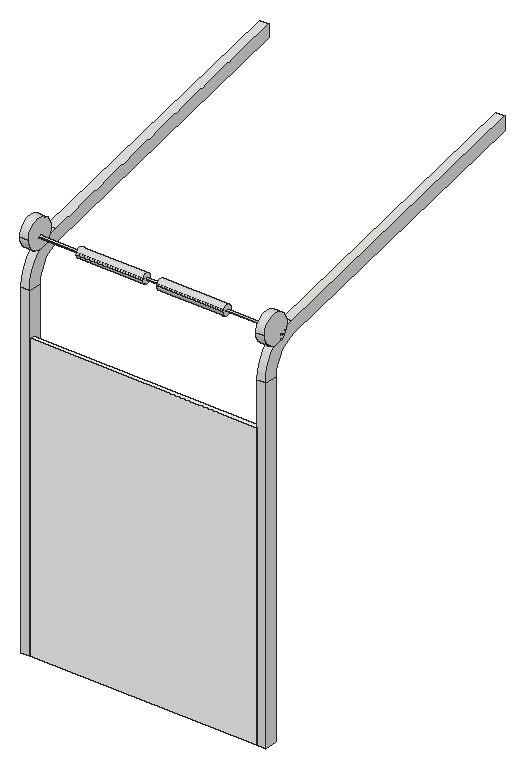
Revit family "Cruiserweight-LH-312P", category Generic Models, host Wall, Revit 2023
Family settings
  Host = Wall
  Can host rebar = No
  Round Connector Dimension = Use Diameter
  Part Type = Normal
  Always vertical = Yes
  Cut with Voids When Loaded = Yes
  Maintain Annotation Orientation = No
  Shared = No
  Room Calculation Point = No
Parameters (values of type "8' x 10'")
  VerticalTrack = TrackHeight - (1' 6")  # 11' - 6"
  Type Comments = "Insulated"  # constant formula
  TrackWidth = 0' - 3 1/2"
  TrackHeight = OpeningHeight + HeadRoom  # 13' - 0"
  TrackDepth = 0' - 5 3/8"
  PanelSize = 2' - 0"  # constant formula
  OpeningWidth = 8' - 0"
  OpeningHeight = 10' - 0"
  Model = "Cruiserweight"  # constant formula
  Manufacturer = "TKO"  # constant formula
  HorizTrack = OpeningHeight - HeadRoom + 2' 0"  # 9' - 0"
  HeadRoom = 3' - 0"  # constant formula
  DoorThk = 0' - 1 3/4"  # constant formula
  Description = "Sectional Door"  # constant formula
  Default Elevation = 0' - 0"
Types (16): name | VerticalTrack | TrackHeight | TrackDepth | OpeningWidth | OpeningHeight | HorizTrack
  (no name) | 11' - 6" | 13' - 0" | 0' - 5 3/8" | 8' - 0" | 10' - 0" | 9' - 0"
  8' x 10' | 11' - 6" | 13' - 0" | 0' - 5 3/8" | 8' - 0" | 10' - 0" | 9' - 0"
  9' x 10' | 11' - 6" | 13' - 0" | 0' - 5 3/8" | 9' - 0" | 10' - 0" | 9' - 0"
  10' x 10' | 11' - 6" | 13' - 0" | 0' - 5 3/8" | 10' - 0" | 10' - 0" | 9' - 0"
  10' x 11' | 12' - 6" | 14' - 0" | 0' - 5 5/8" | 10' - 0" | 11' - 0" | 10' - 0"
  9' x 11' | 12' - 6" | 14' - 0" | 0' - 5 3/8" | 9' - 0" | 11' - 0" | 10' - 0"
  8' x 11' | 12' - 6" | 14' - 0" | 0' - 5 3/8" | 8' - 0" | 11' - 0" | 10' - 0"
  10' x 12' | 13' - 6" | 15' - 0" | 0' - 5 3/8" | 10' - 0" | 12' - 0" | 11' - 0"
  8' x 12' | 13' - 6" | 15' - 0" | 0' - 5 3/8" | 8' - 0" | 12' - 0" | 11' - 0"
  9' x 12' | 13' - 6" | 15' - 0" | 0' - 5 3/8" | 9' - 0" | 12' - 0" | 11' - 0"
  10' x 8' | 9' - 6" | 11' - 0" | 0' - 5 3/8" | 10' - 0" | 8' - 0" | 7' - 0"
  10' x 9' | 10' - 6" | 12' - 0" | 0' - 5 3/8" | 10' - 0" | 9' - 0" | 8' - 0"
  8' x 9' | 10' - 6" | 12' - 0" | 0' - 5 3/8" | 8' - 0" | 9' - 0" | 8' - 0"
  8' x 8' | 9' - 6" | 11' - 0" | 0' - 5 3/8" | 8' - 0" | 8' - 0" | 7' - 0"
  9' x 9' | 10' - 6" | 12' - 0" | 0' - 5 3/8" | 9' - 0" | 9' - 0" | 8' - 0"
  9' x 8' | 10' - 6" | 12' - 0" | 0' - 5 3/8" | 9' - 0" | 9' - 0" | 8' - 0"
Reference planes (in)
  plane 1: y = 0
  plane 2 "Center (Left/Right)": x = 0
  plane 3 "Wall Edge": y = 3
  plane 4: x = -48
  plane 5: x = 48
  plane 6: z = 120
  plane 7: y = 3
  plane 8: y = 4.75
  plane 9: z = 24
  plane 10: z = 48
  plane 11: z = 72
  plane 12: x = -51.5
  plane 13: x = 51.5
  plane 14: y = 8.375
  plane 15: z = 156
  plane 16: z = 96
  plane 17: z = 120
  plane 18: x = -3
  plane 19: x = 3
  plane 20: x = 31
  plane 21: x = -31
  plane 22: z = 138
  plane 23: y = 21
  plane 24: y = 129
  plane 25: y = 12
Forms (in)
  Extrusion 1, void
    sketch origin (0, 3, 0) x (1, 0, 0) y (0, 0, 1)
      loop
        line (48, 120) -> (-48, 120) -> (-48, 0) -> (48, 0) -> (48, 120)
    from 0 to 6
  Extrusion 2, solid, material "DOOR PANEL"
    sketch origin (0, 0, 0) x (1, 0, 0) y (0, 1, 0)
      loop
        line (-48, 4.75) -> (-48, 3) -> (48, 3) -> (48, 4.75) -> (-48, 4.75)
    from 0 to 120
  Extrusion 3, solid, material "Steel"
    sketch origin (0, 0, 0) x (1, 0, 0) y (0, 1, 0)
      loop
        line (-51.5, 8.375) -> (-51.5, 3) -> (-48, 3) -> (-48, 8.375) -> (-51.5, 8.375)
      loop
        line (48, 8.375) -> (48, 3) -> (51.5, 3) -> (51.5, 8.375) -> (48, 8.375)
    from 0 to 138
  Extrusion 4, solid, material "Steel"
    sketch origin (0, 0, 0) x (0, 1, 0) y (0, 0, 1)
      loop
        circle (8.375, 156) r 6
    from 48 to 51.5
  Extrusion 5, solid, material "Steel"
    sketch origin (-20.31666, 0, 1.16483) x (0, 1, 0) y (0, 0, -1)
      loop
        circle (8.375, -156) r 6
    from 27.68334 to 31.18334
  Extrusion 6, solid, material "Steel"
    sketch origin (0, 0, 0) x (0, 1, 0) y (0, 0, 1)
      loop
        circle (8.375, 156) r 0.5
    from -48 to 48
  Extrusion 7, solid, material "Steel"
    sketch origin (0, 0, 0) x (0, 1, 0) y (0, 0, 1)
      loop
        circle (8.375, 156) r 2
    from 3 to 31
  Extrusion 8, solid, material "Steel"
    sketch origin (0, 0, 0) x (0, 1, 0) y (0, 0, -1)
      loop
        circle (8.375, -156) r 2
    from 3 to 31
  Extrusion 9, solid, material "Steel"
    sketch origin (0, 0, 0) x (0, 1, 0) y (0, 0, 1)
      loop
        line (3, 138) -> (8.375, 138)
        arc (8.375, 138) -> (11.05136, 145.77273) -> (17.94574, 150.24998) r 12.625
        line (17.94574, 150.24998) -> (129, 177.93892) -> (129, 183.47847) -> (16.64541, 155.46532)
        arc (16.64541, 155.46532) -> (6.81581, 149.08191) -> (3, 138) r 18
    from 48 to 51.5
  Extrusion 10, solid, material "Steel"
    sketch origin (0, 0, 0) x (0, 1, 0) y (0, 0, -1)
      loop
        arc (3, -138) -> (6.81581, -149.08191) -> (16.64541, -155.46532) r 18
        line (16.64541, -155.46532) -> (129, -183.47847) -> (129, -177.93892) -> (17.94574, -150.24998)
        arc (17.94574, -150.24998) -> (11.05136, -145.77273) -> (8.375, -138) r 12.625
        line (8.375, -138) -> (3, -138)
    from 48 to 51.5
Cuts and joins
  joined: Extrusion 3, Extrusion 4, Extrusion 5
Lines and regions (in)
  model lines
    curve 1: line (48, 3, 24) -> (-48, 3, 24)
    curve 2: line (-48, 3, 48) -> (48, 3, 48)
    curve 3: line (48, 3, 72) -> (-48, 3, 72)
    curve 4: line (48, 3, 96) -> (-48, 3, 96)
    curve 5: line (48, 3, 120) -> (-48, 3, 120)
Text (in)
  text "Placement Side" at (0, 40.15149, 123.01588), in view "Right"
  text "Placement Side" at (-70.3804, 83.26548, 0), in view "Ref. Level"
  text "Placement Side" at (0, 81.62555, 140.59947), in view "Left"
Dimensions and locks (in)
  locked: plane 3 "Wall Edge" to host wall
  equal spacing: plane 5, plane 2 "Center (Left/Right)", plane 4
  "OpeningWidth": plane 5 to plane 4
  "DoorThk": plane 7 to plane 8
  "TrackDepth": plane 14 to plane 7
  "TrackWidth": plane 12 to plane 4
  "TrackWidth": plane 5 to plane 13
  "PanelSize": plane 9 to level
  equal spacing: plane 17, plane 16, plane 11, plane 10, plane 9, level
  "OpeningHeight": level to plane 6
  equal spacing: plane 18, plane 2 "Center (Left/Right)", plane 19, locked at 3 each
  locked: plane 21 to plane 18 at 28
  locked: plane 19 to plane 20 at 28
  "VerticalTrack": level to plane 22
  "HeadRoom": plane 6 to plane 15
  locked: plane 7 to plane 23 at 18
  "HorizTrack": plane 24 to plane 23
  locked: plane 7 to plane 25 at 9
  radius of Extrusion 4 sketch curve = 0' - 6"
  radius of Extrusion 5 sketch curve = 0' - 6"
  radius of Extrusion 6 sketch curve = 0' - 0 1/2"
  radius of Extrusion 7 sketch curve = 0' - 2"
  radius of Extrusion 8 sketch curve = 0' - 2"
  radius of Extrusion 9 sketch curve = 1' - 6"
  radius of Extrusion 9 sketch curve = 1' - 0 5/8"
  radius of Extrusion 10 sketch curve = 1' - 6"
  radius of Extrusion 10 sketch curve = 1' - 0 5/8"
  locked: plane 22 to Extrusion 9 sketch curve (angle 14.00°)  (x2)
  aligned and locked: host wall to plane 7
  aligned and locked: Extrusion 1 sketch curve to plane 5
  aligned and locked: Extrusion 1 sketch curve to plane 4
  aligned and locked: Extrusion 1 to plane 7
  aligned and locked: host wall to Extrusion 1
  aligned and locked: Extrusion 2 to plane 3 "Wall Edge"
  aligned and locked: plane 8 to Extrusion 2
  aligned and locked: Extrusion 2 to plane 6
  aligned and locked: Extrusion 3 sketch curve to plane 14  (x2)
  aligned and locked: Extrusion 3 sketch curve to plane 12
  aligned and locked: curve 1 to Extrusion 3 sketch curve
  aligned and locked: plane 5 to Extrusion 3 sketch curve
  aligned and locked: Extrusion 3 sketch curve to plane 7
  aligned and locked: Extrusion 3 sketch curve to plane 13
  aligned and locked: plane 15 to Extrusion 4 sketch curve
  aligned and locked: Extrusion 3 to Extrusion 4 sketch curve
  aligned and locked: Extrusion 4 to plane 13
  aligned and locked: Extrusion 4 to plane 5
  aligned and locked: plane 4 to Extrusion 5
  aligned and locked: Extrusion 5 to plane 12
  aligned and locked: curve 2 to plane 10
  aligned and locked: curve 3 to plane 11
  aligned and locked: curve 1 to plane 9
  aligned and locked: cut or joined group of Extrusion 3, Extrusion 4, Extrusion 5 to Extrusion 6 sketch curve
  aligned and locked: plane 5 to Extrusion 6
  aligned and locked: Extrusion 6 to plane 4
  aligned and locked: cut or joined group of Extrusion 3, Extrusion 4, Extrusion 5 to level
  aligned and locked: Extrusion 2 to level
  aligned and locked: curve 4 to plane 16
  aligned and locked: curve 5 to plane 17
  aligned and locked: level to Extrusion 2
  aligned and locked: Extrusion 1 sketch curve to level
  aligned and locked: Extrusion 1 sketch curve to plane 6
  aligned and locked: plane 15 to Extrusion 7 sketch curve
  aligned and locked: plane 14 to Extrusion 7 sketch curve
  aligned and locked: Extrusion 7 to plane 20
  aligned and locked: plane 19 to Extrusion 7
  aligned and locked: Extrusion 8 to plane 18
  aligned and locked: plane 21 to Extrusion 8
  aligned and locked: plane 15 to Extrusion 8 sketch curve
  aligned and locked: Extrusion 8 sketch curve to plane 14
  aligned and locked: plane 22 to cut or joined group of Extrusion 3, Extrusion 4, Extrusion 5
  aligned and locked: Extrusion 9 sketch curve to cut or joined group of Extrusion 3, Extrusion 4, Extrusion 5
  aligned and locked: plane 24 to Extrusion 9 sketch curve
  aligned and locked: plane 22 to Extrusion 9 sketch curve
  aligned and locked: plane 13 to Extrusion 9
  aligned and locked: Extrusion 9 to plane 5
  aligned and locked: Extrusion 10 to plane 12
  aligned and locked: plane 4 to Extrusion 10
  aligned and locked: plane 24 to Extrusion 10
  aligned and locked: Extrusion 10 to plane 22
  aligned and locked: Extrusion 9 to Extrusion 10  (x2)
  aligned and locked: Extrusion 9 to plane 22
  aligned and locked: plane 24 to Extrusion 9
  aligned and locked: Extrusion 10 sketch curve to Extrusion 9  (x2)
  aligned and locked: Extrusion 10 sketch curve to plane 24
  aligned and locked: Extrusion 10 sketch curve to plane 22
  aligned and locked: plane 4 to cut or joined group of Extrusion 3, Extrusion 4, Extrusion 5
Automatic sketch dimensions
  Extrusion 2 sketch curve to host wall = 0' - 0"
  Extrusion 2 sketch curve to plane 4 = 0' - 0"
  Extrusion 2 sketch curve to plane 5 = 0' - 0"
  Extrusion 2 sketch curve to plane 8 = 0' - 0"
  curve 3 to plane 4 = 0' - 0"
  curve 1 to plane 4 = 0' - 0"
  curve 2 to plane 4 = 0' - 0"
  curve 4 to plane 4 = 0' - 0"
  curve 5 to plane 4 = 0' - 0"
  curve 4 to plane 5 = 0' - 0"
  curve 2 to plane 5 = 0' - 0"
  curve 5 to plane 5 = 0' - 0"
  curve 1 to plane 5 = 0' - 0"
  curve 3 to plane 5 = 0' - 0"
  plane 4 to Extrusion 3 sketch curve = 0' - 0"
  Extrusion 3 sketch curve to plane 13 = 0' - 0"
  Extrusion 5 sketch curve to plane 14 = 0' - 0"
  plane 15 to Extrusion 5 sketch curve = 0' - 1.16483"
  Extrusion 6 sketch curve to plane 15 = 0' - 0"
  Extrusion 9 sketch curve to Extrusion 9 sketch curve = 0' - 0"
  Extrusion 9 sketch curve to host wall = 0' - 0"
  Extrusion 9 sketch curve to plane 15 = 0' - 0.53468"
  Extrusion 9 sketch curve to plane 23 = 0' - 3.05426"
  Extrusion 10 sketch curve to plane 15 = 0' - 0.53468"
  Extrusion 10 sketch curve to plane 23 = 0' - 3.05426"
